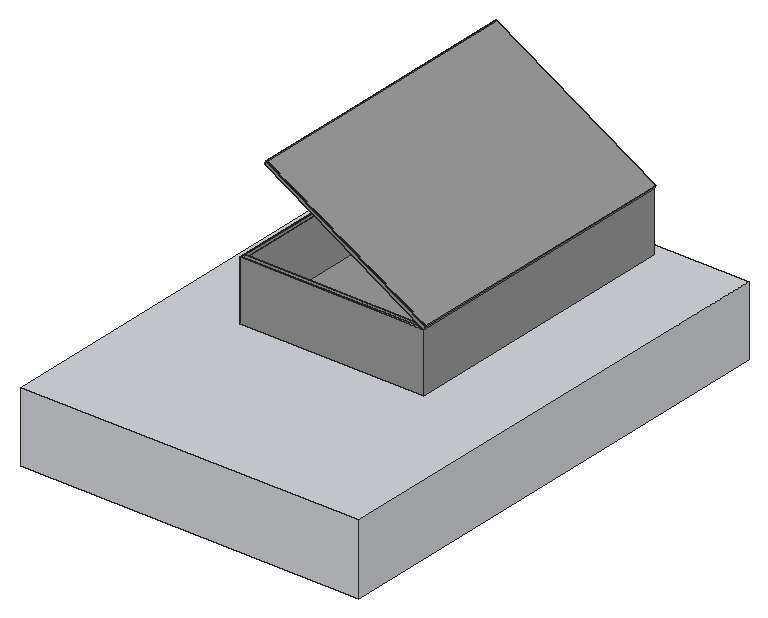
Revit family "Hager-Univers-IP55-D275-H1250-Cl.I-Steel_encl-PT-pt", category Equipement électrique, Revit 2020
Family settings
  Hôte = Face
  Configuration du panneau = Deux colonnes, circuits au sein
  Cote de connecteur circulaire = Utiliser le diamètre
  Type d'élément = Tableau de raccordement
  Couper avec des vides une fois chargée = Non
  Partagée = Non
  Point de calcul de pièce = Non
Parameters (values of type "Montagem em superfície (gesso) IP55 L800 A1250 P275  - FR83E")
  Width Control [instance] = if([EF000008 - Largura] > Min Width, [EF000008 - Largura], Min Width)  # 800 mm
  Commentaires du type = [HG000003 - Gama]  # "Univers"
  Thickness Door [instance] = if([EF009171 - Espessura do material da porta/tampa] > 3 mm, 3 mm, [EF009171 - Espessura do material da porta/tampa])  # 1.5 mm
  Seal Frame Offset [instance] = 17 mm  # constant formula
  Plinth Visibility [instance] = [HG000027 - Altura da Plinta] > 0 mm  # no
  Model = ""
  Min Width [instance] = 100 mm  # constant formula
  Min Height [instance] = 100 mm  # constant formula
  Min Depth [instance] = (2 * [EF009170 - Espessura do material do invólucro]) + 1 mm  # 4 mm
  Internal Frame Depth [instance] = (Door System Depth * 0.5)  # 9 mm
  Height Control [instance] = if([EF000040 - Altura] > Min Height, [EF000040 - Altura], Min Height)  # 1250 mm
  HG000027 - Altura da Plinta = 0 mm
  HG000026 - Instalação no chão = no
  HG000024 - Altura da secção inferior = 800 mm
  HG000023 - Recinto de secção dupla = no
  HG000016 - Visibilidade da porta 3D [instance] = yes
  HG000015 - Visibilidade através da porta [instance] = no
  HG000014 - Porta à direita [instance] = yes
  HG000013 - Porta à esquerda [instance] = not([HG000014 - Porta à direita])  # no
  HG000012 - Ângulo de abertura de porta [instance] = 30.00°
  HG000010 - Portas assimétricas = no
  HG000009 - Porta dupla = no
  HG000006 - Encastrado = no
  HG000004 - Referência do Fabricante = "FR83E"
  HG000003 - Gama = "Univers"
  HG000002 - Com porta ou tampa = yes
  Frame Offset Bottom [instance] = 10 mm  # constant formula
  Frame Offset [instance] = 15 mm  # constant formula
  EF015940 - Tampa com libertação de sobrepressão = no
  EF011959 - Grau de proteção (NEMA) = ""
  EF009554 - Número de aberturas para placas de flange = 6
  Fabricant = "Hager"  # constant formula
  EF009212 - Tipo de tampa = "EV000116 - Fechado"
  EF009171 - Espessura do material da porta/tampa = 1.5 mm
  EF009170 - Espessura do material do invólucro = 1.5 mm
  EF008873 - Corrente nominal (In) = 800 A
  EF007800 - Adequado para proteção contra raios = no
  EF006306 - Com fecho = no
  EF006244 - Tampa/porta transparente = no
  EF005474 - Grau de proteção (IP) = "EV006420 - IP55"
  EF004464 - Tipo de porta = "EV002646 - Único"
  EF004427 - Número de módulos = 288
  EF004293 - Força de impacto = "EV008784 - IK10"
  EF003532 - Adequado para uso no exterior = no
  EF002950 - Largura em número de módulos = 24
  EF001613 - Integridade do circuito = "EV000494 - Nenhum"
  EF001596 - Material do corpo = "EV000179 - Aço"
  EF001131 - Profundidade interior = 275 mm
  EF001088 - Extensão possível = yes
  EF000437 - Número de entradas de condutores = 6
  EF000339 - Tipo de difusor = "EV004216 - Porta"
  EF000266 - Número de linhas = 8
  EF000218 - Profundidade incorporada = 0 mm
  EF000118 - Com tampa de montagem = no
  EF000116 - Número RAL = "7035"
  EF000049 - Profundidade = 275 mm
  EF000040 - Altura = 1250 mm
  EF000008 - Largura = 800 mm
  EF000007 - Cor = "EV000270 - Cinzento"
  EF000003 - Método de montagem = "EV000384 - Montagem em superfície (gesso)"
  Door System Leaf Tolerance [instance] = 1.5 mm  # constant formula
  Door System Depth [instance] = 18 mm  # constant formula
  Door Height [instance] = Height Control - [HG000027 - Altura da Plinta]  # 1250 mm
  Depth Control [instance] = if([EF000049 - Profundidade] > Min Depth, [EF000049 - Profundidade], Min Depth)  # 275 mm
  Default Elevation = 0 mm
  Connector Offset [instance] = Height Control / 2  # 625 mm
  Bottom Top Plate Trim [instance] = 1.5 mm  # constant formula
  Plinth height Ctrl [instance] = if([HG000027 - Altura da Plinta] > 0 mm, [HG000027 - Altura da Plinta], 12 mm)  # 12 mm
Types (3, lengths in mm): name | Width Control | HG000009 - Porta dupla | HG000004 - Referência do Fabricante | EF009554 - Número de aberturas para placas de flange | EF004464 - Tipo de porta | EF004427 - Número de módulos | EF000437 - Número de entradas de condutores | EF000008 - Largura
  Montagem em superfície (gesso) IP55 L1050 A1250 P275  - FR84E | 1050 | yes | "FR84E" | 8 | "EV003602 - Duplo" | 384 | 8 | 1050
  Montagem em superfície (gesso) IP55 L550 A1250 P275  - FR82E | 550 | no | "FR82E" | 4 | "EV002646 - Único" | 192 | 4 | 550
  Montagem em superfície (gesso) IP55 L800 A1250 P275  - FR83E | 800 | no | "FR83E" | 6 | "EV002646 - Único" | 288 | 6 | 800
Reference planes
  plane 1 "Center (Front/Back)": y = 0
  plane 2: z = 0
  plane 3 "Center (Left/Right)": x = 0
  plane 4: z = 275
  plane 5: y = 1.5
  plane 6: y = 625
  plane 7: y = 0
  plane 8: y = 1250
  plane 9: z = 0
  plane 10: x = -385
  plane 11: x = 385
  plane 12: x = 383.5
  plane 13: x = -383.5
  plane 14: y = 1248.5
  plane 15: x = -383
  plane 16: x = -400
  plane 17: x = 383
  plane 18: x = 400
  plane 19: x = 398.5
  plane 20: x = -398.5
  plane 21: y = 11.5
  plane 22: y = 1250
  plane 23: y = 1233.5
  plane 24: z = 257
  plane 25: z = 1.5
  plane 26: z = 255.5
  plane 27: z = 273.5
Forms (mm)
  Extrusion 1, solid
    sketch origin (0, 0, 0) x (1, 0, 0) y (0, 1, 0)
      loop
        line (-702.964, 1305) -> (-702.964, -811.445) -> (766.763, -811.445) -> (766.763, 1305) -> (-702.964, 1305)
    from 0 to -304.8
  Extrusion 2, solid, material "Hager_Steel_RAL7035_Light_Grey", visible <- "Plinth Visibility", detail levels medium+fine
    sketch origin (0, 0, 0) x (1, 0, 0) y (0, 1, 0)
      loop
        line (-400, 0) -> (400, 0) -> (400, 12) -> (-400, 12) -> (-400, 0)
    from 0 to 257
  Extrusion 3, solid, material "Hager_Steel_RAL7035_Light_Grey", detail levels medium+fine
    sketch origin (0, 0, 0) x (1, 0, 0) y (0, 1, 0)
      loop
        line (-400, 0) -> (400, 0) -> (400, 1250) -> (-400, 1250) -> (-400, 0)
    from 0 to 257
  Extrusion 4, void
    sketch origin (0, 0, 0) x (1, 0, 0) y (0, 1, 0)
      loop
        line (-398.5, 1.5) -> (398.5, 1.5) -> (398.5, 1248.5) -> (-398.5, 1248.5) -> (-398.5, 1.5)
    from 1.5 to 255.5
  Extrusion 5, void
    sketch origin (-381.607, -4572, 257) x (0, -1, 0) y (-1, 0, 0)
      loop
        line (-4583.5, 1.893) -> (-5805.5, 1.893) -> (-5805.5, -765.107) -> (-4583.5, -765.107) -> (-4583.5, 1.893)
    from 0 to 1.5 <- "EF009170 - Espessura do material do invólucro"
  Extrusion 6, solid, material "Hager_Steel_RAL7035_Light_Grey", detail levels fine
    sketch origin (0, 0, 257) x (1, 0, 0) y (0, 1, 0)
      loop
        line (-383.5, 1233.5) -> (-383.5, 11.5) -> (383.5, 11.5) -> (383.5, 1233.5) -> (-383.5, 1233.5)
      loop
        line (-385, 10) -> (385, 10) -> (385, 1235) -> (-385, 1235) -> (-385, 10)
    from 0 to 9 <- "Internal Frame Depth"
  Extrusion 7, solid, material "Hager_Steel_RAL7035_Light_Grey", detail levels coarse
    sketch origin (0, 0, 0) x (1, 0, 0) y (0, 1, 0)
      loop
        line (-400, 0) -> (400, 0) -> (400, 1250) -> (-400, 1250) -> (-400, 0)
    from 0 to 275
  Sweep 8, void
    path in 3D
      loop
        line (-400, 12, 0) -> (400, 12, 0) -> (400, 12, 257) -> (-400, 12, 257) -> (-400, 12, 0)
    profile origin (-400, 12, 128.5) x (-1, 0, 0) y (0, -1, 0)
      loop
        line (0, 0) -> (0, 1.5) -> (-1.5, 1.5)
        arc (-1.5, 1.5) -> (-1.061, 0.439) -> (0, 0) r 1.5
Cuts and joins
  Extrusion 4, Extrusion 5 cuts Extrusion 3
  Sweep 8 cuts Extrusion 2
Lines and regions (mm)
  Masking region 1
    outline origin (0, 0, 0) x (1, 0, 0) y (0, 0, 1)
      loop
        line (-400, 275) -> (-400, 0) -> (400, 0) -> (400, 275) -> (-400, 275)
  Masking region 2, detail levels medium+fine
    outline origin (0, 140, 0) x (0, 1, 0) y (0, 0, 1)
      loop
        line (-140, 0) -> (1110, 0) -> (1110, 257) -> (-140, 257) -> (-140, 0)
  Masking region 3, not visible, detail levels medium+fine
    outline origin (0, 297.922, 0) x (0, 1, 0) y (0, 0, 1)
      loop
        line (338.578, 0) -> (378.578, 0) -> (378.578, 263.5)
        arc (378.578, 263.5) -> (375.649, 270.571) -> (368.578, 273.5) r 10
        line (368.578, 273.5) -> (338.578, 273.5) -> (338.578, 0)
  Masking region 4, detail levels coarse
    outline origin (0, 0, 180) x (0, 1, 0) y (0, 0, 1)
      loop
        line (0, -180) -> (1250, -180) -> (1250, 95) -> (0, 95) -> (0, -180)
  Masking region 5, visible <- "Plinth Visibility", detail levels medium+fine
    outline origin (0, 52.24, 12.345) x (0, 0, -1) y (0, 1, 0)
      loop
        line (10.845, -40.24) -> (-243.155, -40.24)
        arc (-243.155, -40.24) -> (-243.594, -41.301) -> (-244.655, -41.74) r 1.5
        line (-244.655, -41.74) -> (-244.655, -52.24) -> (12.345, -52.24) -> (12.345, -41.74)
        arc (12.345, -41.74) -> (11.285, -41.301) -> (10.845, -40.24) r 1.5
  Masking region 6, detail levels medium+fine
    outline origin (-381.607, -4572, 257) x (-1, 0, 0) y (0, -1, 0)
      loop
        line (18.393, -5822) -> (18.393, -4572) -> (-781.607, -4572) -> (-781.607, -5822) -> (18.393, -5822)
  Masking region 7, visible <- "Plinth Visibility", detail levels medium+fine
    outline origin (-381.607, -4727, 257) x (-1, 0, 0) y (0, -1, 0)
      loop
        arc (16.893, -4739) -> (17.332, -4737.939) -> (18.393, -4737.5) r 1.5
        line (18.393, -4737.5) -> (18.393, -4727) -> (-781.607, -4727) -> (-781.607, -4737.5)
        arc (-781.607, -4737.5) -> (-780.546, -4737.939) -> (-780.107, -4739) r 1.5
        line (-780.107, -4739) -> (16.893, -4739)
  Masking region 8, detail levels coarse
    outline origin (-442.548, -4669.526, 257) x (-1, 0, 0) y (0, -1, 0)
      loop
        line (-42.548, -5919.526) -> (-42.548, -4669.526) -> (-842.548, -4669.526) -> (-842.548, -5919.526) -> (-42.548, -5919.526)
  sketch lines
    curve 1: line (-400, 12, 257) -> (-400, 12, 0)
    curve 2: line (400, 12, 257) -> (-400, 12, 257)
    curve 3: line (400, 12, 257) -> (400, 12, 0)
    curve 4: line (-400, 12, 0) -> (400, 12, 0)
Dimensions and locks
  "Depth Control": plane 4 to Extrusion 1
  "HG000027 - Altura da Plinta": plane 1 "Center (Front/Back)" to plane 7
  "EF009170 - Espessura do material do invólucro": plane 5 to plane 7
  locked: connector elem to plane 3 "Center (Left/Right)"
  equal spacing: plane 8, plane 6, plane 7
  locked: connector elem to plane 6
  "EF009170 - Espessura do material do invólucro": plane 8 to plane 14
  "EF009170 - Espessura do material do invólucro": plane 10 to plane 13
  "EF009170 - Espessura do material do invólucro": plane 12 to plane 11
  "Frame Offset": plane 20 to plane 13
  "Frame Offset": plane 12 to plane 19
  "EF009170 - Espessura do material do invólucro": plane 16 to plane 20
  "EF009170 - Espessura do material do invólucro": plane 19 to plane 18
  "Seal Frame Offset": plane 16 to plane 15
  "Seal Frame Offset": plane 17 to plane 18
  "Frame Offset Bottom": plane 21 to plane 5
  "Frame Offset": plane 14 to plane 23
  equal spacing: plane 16, plane 3 "Center (Left/Right)", plane 18
  "Width Control": plane 16 to plane 18
  "EF009170 - Espessura do material do invólucro": plane 4 to plane 27
  "EF009170 - Espessura do material do invólucro": plane 24 to plane 26
  "EF009170 - Espessura do material do invólucro": plane 25 to level
  "Door System Depth": plane 4 to plane 24
  "Height Control": plane 1 "Center (Front/Back)" to Extrusion 7 sketch curve
  "Height Control": Masking region 4 sketch curve to plane 1 "Center (Front/Back)"
  "Height Control": plane 1 "Center (Front/Back)" to plane 22
  "Bottom Top Plate Trim": profile plane to Sweep 8 sketch curve
  "Bottom Top Plate Trim": Sweep 8 sketch curve to profile plane
  "Plinth height Ctrl": plane 1 "Center (Front/Back)" to Extrusion 2 sketch curve
  "Plinth height Ctrl": Masking region 5 sketch curve to plane 1 "Center (Front/Back)"
  "Plinth height Ctrl": plane 1 "Center (Front/Back)" to Masking region 7 sketch curve
  "Thickness Door": Extrusion 6 sketch curve to Extrusion 6 sketch curve  (x3)
  "Thickness Door": cut or joined group of Extrusion 3, Extrusion 4, Extrusion 5 to Extrusion 6 sketch curve
  radius of Masking region 3 sketch curve = 10 mm
  "Bottom Top Plate Trim": radius of Masking region 5 sketch curve  (x2)
  "Bottom Top Plate Trim": radius of Sweep 8 sketch curve
  "Bottom Top Plate Trim": radius of Masking region 7 sketch curve  (x2)
  aligned and locked: plane 2 to Extrusion 1
  aligned and locked: level to Extrusion 1
  aligned and locked: level to Masking region 1 sketch curve
  aligned and locked: Masking region 1 sketch curve to plane 18
  aligned and locked: Masking region 1 sketch curve to plane 16
  aligned and locked: plane 7 to Masking region 2 sketch curve
  aligned and locked: level to Masking region 3 sketch curve
  aligned and locked: Masking region 3 sketch curve to plane 27
  aligned and locked: level to Masking region 2 sketch curve
  aligned and locked: plane 1 "Center (Front/Back)" to Extrusion 2 sketch curve
  aligned and locked: Extrusion 3 sketch curve to plane 7
  aligned and locked: plane 16 to Extrusion 3 sketch curve
  aligned and locked: plane 18 to Extrusion 3 sketch curve
  aligned and locked: plane 20 to Extrusion 4 sketch curve
  aligned and locked: plane 19 to Extrusion 4 sketch curve
  aligned and locked: Extrusion 4 sketch curve to plane 5
  aligned and locked: Extrusion 4 to plane 25
  aligned and locked: plane 26 to Extrusion 4
  aligned and locked: plane 24 to Extrusion 3
  aligned and locked: Extrusion 5 sketch curve to plane 21
  aligned and locked: Extrusion 5 sketch curve to plane 13
  aligned and locked: Extrusion 5 sketch curve to plane 12
  aligned and locked: plane 18 to Extrusion 7 sketch curve
  aligned and locked: plane 1 "Center (Front/Back)" to Extrusion 7 sketch curve
  aligned and locked: plane 16 to Extrusion 7 sketch curve
  aligned and locked: plane 4 to Extrusion 7
  aligned and locked: Extrusion 7 to level
  aligned and locked: level to Masking region 4 sketch curve
  aligned and locked: Masking region 4 sketch curve to plane 1 "Center (Front/Back)"
  aligned and locked: Masking region 4 sketch curve to plane 4
  aligned and locked: nested 1 to level
  aligned and locked: nested 1 to plane 16
  aligned and locked: plane 8 to Extrusion 3 sketch curve
  aligned and locked: plane 23 to Extrusion 5 sketch curve
  aligned and locked: plane 14 to Extrusion 4 sketch curve
  aligned and locked: Masking region 2 sketch curve to plane 8
  aligned and locked: level to Masking region 5 sketch curve
  aligned and locked: plane 16 to Extrusion 2 sketch curve
  aligned and locked: plane 18 to Extrusion 2 sketch curve
  aligned and locked: Masking region 5 sketch curve to plane 24
  aligned and locked: Masking region 2 sketch curve to plane 24
  aligned and locked: plane 24 to Extrusion 2
  aligned and locked: profile plane to Sweep 8 sketch curve  (x2)
  aligned and locked: Masking region 6 sketch curve to plane 18
  aligned and locked: Masking region 6 sketch curve to plane 22
  aligned and locked: Masking region 6 sketch curve to plane 16
  aligned and locked: plane 8 to plane 22
  aligned and locked: Masking region 6 sketch curve to plane 7
  aligned and locked: Masking region 7 sketch curve to plane 16
  aligned and locked: Masking region 7 sketch curve to plane 1 "Center (Front/Back)"
  aligned and locked: Masking region 7 sketch curve to plane 18
  aligned and locked: Masking region 8 sketch curve to plane 1 "Center (Front/Back)"
  aligned and locked: Masking region 8 sketch curve to plane 18
  aligned and locked: Masking region 8 sketch curve to plane 22
  aligned and locked: Masking region 8 sketch curve to plane 16
  aligned and locked: nested 2 to plane 7
  aligned and locked: plane 3 "Center (Left/Right)" to nested 2
  aligned and locked: nested 2 to plane 24
  aligned and locked: Extrusion 6 sketch curve to cut or joined group of Extrusion 3, Extrusion 4, Extrusion 5  (x4)
Automatic sketch dimensions
  Extrusion 1 sketch curve to Extrusion 1 sketch curve = 1469.727 mm
  Extrusion 1 sketch curve to Extrusion 1 sketch curve = 2116.445 mm
  Masking region 1 sketch curve to plane 4 = 0 mm
  plane 6 to Masking region 3 sketch curve = 11.5 mm
  Masking region 3 sketch curve to Masking region 3 sketch curve = 30 mm
  Masking region 5 sketch curve to plane 1 "Center (Front/Back)" = 0 mm
Nested families
  nested 1: "Hager_Enclosure_Symbol" at (-400, 0, 0) x (1, 0, 0) z (0, -1, 0), Height <- "Depth Control", Width <- "Width Control", type "Hager_Enclosure_Symbol"
    with Width_Ctrl 800 mm, Width 800 mm, Height_Ctrl 275 mm, Height 275 mm, A_Width_Int 18.047 mm, A_Width 216.562 mm, A_Height_Ctrl 240.625 mm, A_Height 240.625 mm
  nested 2: "EC000058_Univers_Door" at (0, 0, 257) x (1, 0, 0) z (0, 1, 0), Leaf_Tolerance <- "Door System Leaf Tolerance", Angle <- "HG000012 - Ângulo de abertura de porta", Door_Depth <- "Door System Depth", Door_Left <- "HG000013 - Porta à esquerda", Transparent <- "EF006244 - Tampa/porta transparente", Assymetrical <- "HG000010 - Portas assimétricas", Width <- "Width Control", Clearance <- "HG000015 - Visibilidade através da porta", Double <- "HG000009 - Porta dupla", 3d_Door <- "HG000016 - Visibilidade da porta 3D", Lock_Visibility <- "EF006306 - Com fecho", Width_Ctrl <- "Width Control", Door_Right <- "HG000014 - Porta à direita", Door <- "HG000002 - Com porta ou tampa", Height <- "Door Height", Thickness <- "Thickness Door", type "EC000058_Univers_Door", detail levels medium+fine
    with min_wh 4 mm, Width_Ctrl 800 mm, Width 800 mm, Transparent no, Thickness 1.5 mm, Seal_Material Hager_Rubber, Lock_Visibility no, Lock_Material Hager_Plastic_RAL9005_Jet_Black, Leaf_Width 800 mm, Leaf_Tolerance_External_Sides 0 mm, Leaf_Tolerance 1.5 mm, Leaf_Offset 0 mm, Leaf_Height 1247 mm, Leaf_2_Width 800 mm, Leaf_2_Offset 400 mm, Leaf_1_Width 800 mm, Leaf_1_Offset 400 mm, Height_Ctrl 1250 mm, Height 1250 mm, Glass_Material Hager_Glass, Double_Clearance_Ctrl no, Double no, Door_Right_Ctrl yes, Door_Right yes, Door_Material Hager_Steel_RAL7035_Light_Grey, Door_Left_Ctrl no, Door_Left no, Door_Depth 18 mm, Door yes, Clearance_Material Hager_Clearance, Clearance_Depth 800 mm, Clearance_Ctrl no, Clearance no, Assymetrical no, Angle 30.00°, 3d_Door yes
Connectors
  electrical at (0, 625, 0)
    settings: on plane 9, index 1, voltage 0 V, apparent load 0 VA, apparent load phase1 0 VA, apparent load phase2 0 VA, apparent load phase3 0 VA, power factor 1, load classification "Other", number of poles 1, system type 30, power factor state 1, is connector primary yes, connector utility no, sub classification motor no, connector description ""
Definition of nested family "EC000058_Univers_Door"
  Parameters (values of type "EC000058_Univers_Door")
    min_wh [instance] = (2 * Thickness) + 1 mm  # 11 mm
    Width_Ctrl [instance] = 400 mm
    Width [instance] = 500 mm
    Transparent [instance] = yes
    Thickness [instance] = 5 mm
    Seal_Material [instance] = none
    Lock_Visibility [instance] = yes
    Lock_Material [instance] = none
    Leaf_Width [instance] = if((Width_Ctrl - 2 * Leaf_Tolerance_External_Sides) > 0 mm, (Width_Ctrl - 2 * Leaf_Tolerance_External_Sides), min_wh)  # 400 mm
    Leaf_Tolerance_External_Sides [instance] = 0 mm  # constant formula
    Leaf_Tolerance [instance] = 1.5 mm
    Leaf_Offset [instance] = 0 mm  # constant formula
    Leaf_Height [instance] = if((Height_Ctrl - 2 * Leaf_Tolerance) > 0 mm, (Height_Ctrl - 2 * Leaf_Tolerance), min_wh)  # 497 mm
    Leaf_2_Width [instance] = if(and(and(Double, Assymetrical), Door_Left), (Leaf_Width / 3) - (Leaf_Tolerance / 2), if(and(and(Double, Assymetrical), Door_Right), (Leaf_Width / 3) * 2 - (Leaf_Tolerance / 2), if(and(Double, not(Assymetrical)), (Leaf_Width / 2) - Leaf_Tolerance, Leaf_Width)))  # 400 mm
    Leaf_2_Offset [instance] = if(and(Double, Assymetrical), Leaf_2_Width / 2, if(and(Double, not(Assymetrical)), Leaf_Width / 4, Leaf_Width / 2))  # 200 mm
    Leaf_1_Width [instance] = if(and(and(Double, Assymetrical), Door_Right), (Leaf_Width / 3) - (Leaf_Tolerance / 2), if(and(and(Double, Assymetrical), Door_Left), (Width / 3) * 2 - (Leaf_Tolerance / 2), if(and(Double, not(Assymetrical)), (Leaf_Width / 2) - Leaf_Tolerance, Leaf_Width)))  # 400 mm
    Leaf_1_Offset [instance] = if(and(Double, Assymetrical), Leaf_1_Width / 2, if(and(Double, not(Assymetrical)), Leaf_Width / 4, Leaf_Width / 2))  # 200 mm
    Height_Ctrl [instance] = if(Height > min_wh, Height, min_wh)  # 500 mm
    Height [instance] = 500 mm
    Glass_Material [instance] = none
    Double_Clearance_Ctrl [instance] = and(Double, Clearance)  # no
    Double [instance] = no
    Door_Right_Ctrl [instance] = and(or(Door_Right, Double), Door)  # yes
    Door_Right [instance] = yes
    Door_Material [instance] = none
    Door_Left_Ctrl [instance] = and(or(Door_Left, Double), Door)  # no
    Door_Left [instance] = no
    Door_Depth [instance] = 30 mm
    Door [instance] = yes
    Default Elevation = 1219.2 mm
    Clearance_Material [instance] = none
    Clearance_Depth [instance] = if(Leaf_1_Width > Leaf_2_Width, Leaf_1_Width, Leaf_2_Width)  # 400 mm
    Clearance_Ctrl [instance] = and(not(Double), Clearance)  # yes
    Clearance [instance] = yes
    Assymetrical [instance] = yes
    Angle [instance] = 30.00°
    3d_Door [instance] = yes
  Reference planes
    plane 1 "Center (Front/Back)": y = 0
    plane 2 "Bottom": z = 0
    plane 3 "Center (Left/Right)": x = 0
    plane 4: z = 500
    plane 5: x = -200
    plane 6: x = 200
    plane 7: z = 500
    plane 8: x = -200
    plane 9: z = 0
    plane 10: x = 200
    plane 11: y = 0
    plane 12: z = 1.5
    plane 13: x = -600
    plane 14: y = -400
    plane 15: x = 600
    plane 16: x = 0
    plane 17: x = 0
    plane 18: x = -200
    plane 19: x = 200
    plane 20: z = 498.5
  Forms (mm)
    Extrusion 1, solid, material <- "Clearance_Material", visible <- "Double_Clearance_Ctrl"
      sketch origin (1200, 0, 0) x (1, 0, 0) y (0, 0, -1)
        loop
          line (-1800, -498.5) -> (-600, -498.5) -> (-600, 0) -> (-1800, 0) -> (-1800, -498.5)
      from 0 to -400
  Dimensions and locks
    equal spacing: plane 5, plane 3 "Center (Left/Right)", plane 6
    "Width_Ctrl": plane 5 to plane 6
    "Leaf_Offset": plane 5 to plane 8
    "Leaf_Offset": plane 6 to plane 10
    "Leaf_Offset": plane 9 to level
    "Leaf_Offset": plane 4 to plane 7
    "Height_Ctrl": plane 4 to level
    "Leaf_Tolerance": plane 12 to plane 9
    locked: plane 11 to plane 1 "Center (Front/Back)"
    "Leaf_1_Offset": plane 18 to plane 16
    "Leaf_2_Offset": plane 17 to plane 19
    "Leaf_1_Width": plane 13 to plane 8
    "Leaf_2_Width": plane 10 to plane 15
    "Clearance_Depth": plane 14 to plane 1 "Center (Front/Back)"
    "Leaf_Tolerance_External_Sides": plane 8 to plane 18
    "Leaf_Tolerance_External_Sides": plane 19 to plane 10
    "Leaf_Tolerance": plane 7 to plane 20
    aligned and locked: level to plane 2 "Bottom"
    aligned and locked: nested 1 to plane 16
    aligned and locked: nested 2 to plane 17
    aligned and locked: Extrusion 1 to plane 13
    aligned and locked: plane 15 to Extrusion 1
    aligned and locked: Extrusion 1 to plane 14
    aligned and locked: plane 12 to nested 1
    aligned and locked: nested 2 to plane 12
    aligned and locked: Extrusion 1 to plane 11
    aligned and locked: plane 20 to Extrusion 1
    aligned and locked: nested 2 to plane 11
    aligned and locked: nested 1 to plane 11
  Automatic sketch dimensions
    Extrusion 1 sketch curve to level = 0 mm
    plane 5 to Extrusion 1 sketch curve = 400 mm
    plane 6 to Extrusion 1 sketch curve = 400 mm
    Extrusion 1 sketch curve to plane 4 = 1.5 mm
  Nested families
    nested 1: "EC000058_Univers_Door_Leaf" at (0, 0, 1.5), Width <- "Leaf_1_Width", visible <- "Door_Left_Ctrl", Leaf_Height <- "Leaf_Height", Angle <- "Angle", 3d_Door <- "3d_Door", Transparent <- "Transparent", Clearance Material <- "Clearance_Material", Clearance <- "Clearance_Ctrl", Door_Material <- "Door_Material", Glass_Material <- "Glass_Material", Door_Depth <- "Door_Depth", Lock_Material <- "Lock_Material", Seal_Material <- "Seal_Material", Lock_Visibility <- "Lock_Visibility", Thickness <- "Thickness", type "EC000058_Univers_Door_Leaf"
      with Width 400 mm, Transparent_Glass_Offset 30 mm, Transparent_Ctrl yes, Transparent yes, Thickness 5 mm, Standard no, Seal_Material none, Seal_D2 8 mm, Seal_D1 1 mm, Offset_Internal_Frame 10 mm, Lock_Width 20 mm, Lock_Visibility_3d yes, Lock_Visibility yes, Lock_Thickness_3 3 mm, Lock_Thickness_2 1 mm, Lock_Thickness_1 3 mm, Lock_Radius_Offset_2 16 mm, Lock_Radius_Offset_1 15 mm, Lock_Radius_2 5 mm, Lock_Radius 6 mm, Lock_Offset 5 mm, Lock_Material none, Lock_Height 80 mm, Lock_Cover_Top_Offset_2d 17 mm, Lock_Cover_Height -65 mm, Leaf_Height 497 mm, Internal_Seal_Thickness 8 mm, Internal_Seal_Depth_2 4.5 mm, Internal_Frame_Depth 25 mm, Glass_Thickness -1 mm, Glass_Offset -2 mm, Glass_Material none, Door_Material none, Door_Depth 30 mm, Clearance Material none, Clearance yes, Angle_Ctrl 30.00°, Angle 30.00°, 3d_Door yes
    nested 2: "EC000058_Univers_Door_Leaf" at (0, 0, 1.5) x (-1, 0, 0) z (0, 0, 1), Width <- "Leaf_2_Width", visible <- "Door_Right_Ctrl", Leaf_Height <- "Leaf_Height", Angle <- "Angle", 3d_Door <- "3d_Door", Transparent <- "Transparent", Clearance Material <- "Clearance_Material", Clearance <- "Clearance_Ctrl", Door_Material <- "Door_Material", Glass_Material <- "Glass_Material", Door_Depth <- "Door_Depth", Lock_Material <- "Lock_Material", Seal_Material <- "Seal_Material", Lock_Visibility <- "Lock_Visibility", Thickness <- "Thickness", type "EC000058_Univers_Door_Leaf"
      with Width 400 mm, Transparent_Glass_Offset 30 mm, Transparent_Ctrl yes, Transparent yes, Thickness 5 mm, Standard no, Seal_Material none, Seal_D2 8 mm, Seal_D1 1 mm, Offset_Internal_Frame 10 mm, Lock_Width 20 mm, Lock_Visibility_3d yes, Lock_Visibility yes, Lock_Thickness_3 3 mm, Lock_Thickness_2 1 mm, Lock_Thickness_1 3 mm, Lock_Radius_Offset_2 16 mm, Lock_Radius_Offset_1 15 mm, Lock_Radius_2 5 mm, Lock_Radius 6 mm, Lock_Offset 5 mm, Lock_Material none, Lock_Height 80 mm, Lock_Cover_Top_Offset_2d 17 mm, Lock_Cover_Height -65 mm, Leaf_Height 497 mm, Internal_Seal_Thickness 8 mm, Internal_Seal_Depth_2 4.5 mm, Internal_Frame_Depth 25 mm, Glass_Thickness -1 mm, Glass_Offset -2 mm, Glass_Material none, Door_Material none, Door_Depth 30 mm, Clearance Material none, Clearance yes, Angle_Ctrl 30.00°, Angle 30.00°, 3d_Door yes
  Definition of nested family "EC000058_Univers_Door_Leaf"
    Parameters (values of type "EC000058_Univers_Door_Leaf")
      Width [instance] = 2000 mm
      Transparent_Glass_Offset [instance] = 30 mm
      Transparent_Ctrl [instance] = and(Transparent, [3d_Door])  # yes
      Transparent [instance] = yes
      Thickness [instance] = 5 mm
      Standard [instance] = and(not(Transparent), [3d_Door])  # no
      Seal_Material [instance] = none
      Seal_D2 [instance] = 8 mm  # constant formula
      Seal_D1 [instance] = 1 mm  # constant formula
      Offset_Internal_Frame [instance] = 10 mm  # constant formula
      Lock_Width [instance] = 20 mm  # constant formula
      Lock_Visibility_3d [instance] = and(Lock_Visibility, [3d_Door])  # yes
      Lock_Visibility [instance] = yes
      Lock_Thickness_3 [instance] = 3 mm  # constant formula
      Lock_Thickness_2 [instance] = 1 mm  # constant formula
      Lock_Thickness_1 [instance] = 3 mm  # constant formula
      Lock_Radius_Offset_2 [instance] = Lock_Radius_Offset_1 + 1 mm  # 16 mm
      Lock_Radius_Offset_1 [instance] = 15 mm  # constant formula
      Lock_Radius_2 [instance] = Lock_Radius - 1 mm  # 5 mm
      Lock_Radius [instance] = 6 mm  # constant formula
      Lock_Offset [instance] = 5 mm  # constant formula
      Lock_Material [instance] = none
      Lock_Height [instance] = 80 mm  # constant formula
      Lock_Cover_Top_Offset_2d [instance] = Lock_Radius_Offset_2 + 1 mm  # 17 mm
      Lock_Cover_Height [instance] = -(Lock_Height - Lock_Radius_Offset_1)  # -65 mm
      Leaf_Height [instance] = 2720.336 mm
      Internal_Seal_Thickness [instance] = 8 mm  # constant formula
      Internal_Seal_Depth_2 [instance] = 4.5 mm  # constant formula
      Internal_Frame_Depth [instance] = if(Door_Depth - Thickness > 5 mm, Door_Depth - Thickness, 5 mm)  # 25 mm
      Glass_Thickness [instance] = if(Thickness > 15 mm, Glass_Offset + 10 mm, -1 mm)  # -1 mm
      Glass_Offset [instance] = if(Thickness > 15 mm, -(Thickness + 10 mm) / 2, -2 mm)  # -2 mm
      Glass_Material [instance] = none
      Door_Material [instance] = none
      Door_Depth [instance] = 30 mm
      Default Elevation = 0 mm
      Clearance Material [instance] = none
      Clearance [instance] = yes
      Angle_Ctrl [instance] = if(Angle > 180.00°, 180.00°, Angle)  # 90.00°
      Angle [instance] = 90.00°
      3d_Door [instance] = yes
    Reference planes
      plane 1 "Center (Front/Back)": y = 0
      plane 2: z = 0
      plane 3 "Center (Left/Right)": x = 0
      plane 4: y = 2000
      plane 5: x = -1000
      plane 6: x = 1000
      plane 7: x = -3000
      plane 8: z = 2720.336
      plane 9: z = 30
      plane 10: z = 2690.336
      plane 11: x = 970
      plane 12: x = -970
      plane 13: y = -3
      plane 14: z = 107.833
      plane 15: y = -5
      plane 16: y = -223.314
      plane 17: x = -1000
      plane 18: z = 1360.168
      plane 19: y = 30
    Forms (mm)
      Extrusion 1, solid, material <- "Clearance Material", visible <- "Clearance"
        sketch origin (0, 0, 0) x (1, 0, 0) y (0, 0, 1)
          loop
            line (-3000, 2720.336) -> (-3000, 0) -> (1000, 0) -> (1000, 2720.336) -> (-3000, 2720.336)
        from 0 to -2000
      Extrusion 2, solid, material <- "Door_Material", visible <- "Standard", detail levels medium+fine
        sketch origin (-1000, 0, 0) x (0, 1, 0) y (-1, 0, 0)
          loop
            line (0, 30) -> (0, 25) -> (2000, 25) -> (2000, 30) -> (0, 30)
        from 0 to 2720.336 <- "Leaf_Height"
      Extrusion 3, solid, material <- "Door_Material", visible <- "Transparent_Ctrl", detail levels medium+fine
        sketch origin (-1000, 0, 0) x (0, 1, 0) y (-1, 0, 0)
          loop
            line (0, 25) -> (2000, 25) -> (2000, 30) -> (0, 30) -> (0, 25)
        from 0 to 2720.336 <- "Leaf_Height"
      Extrusion 4, void
        sketch origin (-1025, 2000, 0) x (0, 1, 0) y (0, 0, -1)
          loop
            line (-30, -2690.336) -> (-30, -30) -> (-1970, -30) -> (-1970, -2690.336) -> (-30, -2690.336)
        from 0 to 5 <- "Thickness"
      Sweep 5, solid, material <- "Seal_Material", visible <- "Transparent_Ctrl", detail levels fine
        path in 3D
          loop
            line (-1025, 30, 30) -> (-1025, 30, 2690.336) -> (-1025, 1970, 2690.336) -> (-1025, 1970, 30) -> (-1025, 30, 30)
        profile origin (-1025, 1000, 30) x (1, 0, 0) y (0, 0, 1)
          loop
            line (0, 0) -> (0, -8) -> (1, -8) -> (1, 0) -> (0, 0)
      Extrusion 6, solid, material <- "Glass_Material", visible <- "Transparent_Ctrl", detail levels medium+fine
        sketch origin (-1030, 0, 0) x (0, 1, 0) y (0, 0, -1)
          loop
            line (1970, -2690.336) -> (1970, -30) -> (30, -30) -> (30, -2690.336) -> (1970, -2690.336)
        from -2 <- "Glass_Offset" to -1 <- "Glass_Thickness"
      Extrusion 7, solid, material <- "Door_Material", visible <- "3d_Door", detail levels medium+fine
        sketch origin (-1025, 2000, 0) x (0, -1, 0) y (0, 0, -1)
          loop
            line (0, -2720.336) -> (2000, -2720.336) -> (2000, 0) -> (0, 0) -> (0, -2720.336)
          loop
            line (1995, -5) -> (5, -5) -> (5, -2715.336) -> (1995, -2715.336) -> (1995, -5)
        from 0 to 25 <- "Internal_Frame_Depth"
      Sweep 8, solid, material <- "Seal_Material", visible <- "Transparent_Ctrl", detail levels fine
        path in 3D
          loop
            line (-1025, 0, 0) -> (-1025, 2000, 0) -> (-1025, 2000, 2720.336) -> (-1025, 0, 2720.336) -> (-1025, 0, 0)
        profile origin (-1025, 0, 1360.168) x (1, 0, 0) y (0, 1, 0)
          loop
            line (0, 10) -> (2.975, 10)
            arc (2.975, 10) -> (4.053, 10.447) -> (4.5, 11.525) r 1.525
            line (4.5, 11.525) -> (4.5, 16.527)
            arc (4.5, 16.527) -> (4.069, 17.569) -> (3.027, 18) r 1.473
            line (3.027, 18) -> (0, 18) -> (0, 10)
      Extrusion 9, solid, material <- "Lock_Material", visible <- "Lock_Visibility_3d", detail levels fine
        sketch origin (-1030, 0, 0) x (0, 1, 0) y (0, 0, -1)
          loop
            arc (1993.5, -1400.168) -> (1994.561, -1399.729) -> (1995, -1398.668) r 1.5
            line (1995, -1398.668) -> (1995, -1320.168) -> (1975, -1320.168) -> (1975, -1398.668)
            arc (1975, -1398.668) -> (1975.439, -1399.729) -> (1976.5, -1400.168) r 1.5
            line (1976.5, -1400.168) -> (1993.5, -1400.168)
        from 3 <- "Lock_Thickness_1" to 0
      Blend 10, solid, material <- "Lock_Material", visible <- "Lock_Visibility_3d", detail levels fine
        base sketch origin (-1033, 0, 0) x (0, 1, 0) y (0, 0, -1)
          loop
            line (1975, -1320.168) -> (1975, -1398.668)
            arc (1975, -1398.668) -> (1975.439, -1399.729) -> (1976.5, -1400.168) r 1.5
            line (1976.5, -1400.168) -> (1993.5, -1400.168)
            arc (1993.5, -1400.168) -> (1994.561, -1399.729) -> (1995, -1398.668) r 1.5
            line (1995, -1398.668) -> (1995, -1320.168) -> (1975, -1320.168)
        top sketch origin (-1033, 0, 0) x (0, 1, 0) y (0, 0, -1)
          loop
            line (1976, -1320.168) -> (1976, -1398.668)
            arc (1976, -1398.668) -> (1976.146, -1399.022) -> (1976.5, -1399.168) r 0.5
            line (1976.5, -1399.168) -> (1993.5, -1399.168)
            arc (1993.5, -1399.168) -> (1993.854, -1399.022) -> (1994, -1398.668) r 0.5
            line (1994, -1398.668) -> (1994, -1320.168) -> (1976, -1320.168)
        from 0 to 1 <- "Lock_Thickness_2"
      Blend 11, solid, material <- "Lock_Material", visible <- "Lock_Visibility_3d", detail levels fine
        base sketch origin (-1034, 0, 0) x (0, 1, 0) y (0, 0, -1)
          loop
            line (1978, -1320.168) -> (1978, -1384.168)
            arc (1978, -1384.168) -> (1985, -1391.168) -> (1992, -1384.168) r 7
            line (1992, -1384.168) -> (1992, -1320.168) -> (1978, -1320.168)
        top sketch origin (-1034, 0, 0) x (0, 1, 0) y (0, 0, -1)
          loop
            line (1991, -1320.168) -> (1979, -1320.168) -> (1979, -1383.168)
            arc (1979, -1383.168) -> (1985, -1389.168) -> (1991, -1383.168) r 6
            line (1991, -1383.168) -> (1991, -1320.168)
        from 0 to 3 <- "Lock_Thickness_3"
      Extrusion 12, solid, material <- "Lock_Material", visible <- "Lock_Visibility_3d", detail levels fine
        sketch origin (-1030, 1975, 1320.168) x (1, 0, 0) y (0, -1, 0)
          loop
            line (-7, -19) -> (-7, -1) -> (0, -1) -> (0, 0) -> (-8, 0) -> (-8, -20) -> (0, -20) -> (0, -19) -> (-7, -19)
        from 0 to -65 <- "Lock_Cover_Height"
      Extrusion 13, void
        sketch origin (-1038, 1995, 1320.168) x (-1, 0, 0) y (0, 0, -1)
          loop
            line (-5, -65) -> (0, -65) -> (-5, -60) -> (-5, -65)
        from 0 to 20 <- "Lock_Width"
      Extrusion 14, void
        sketch origin (-1038, 1975, 1320.168) x (0, -1, 0) y (0, 0, -1)
          loop
            circle (-10, -15.995) r 6
          loop
            circle (-10, -15.995) r 5
        from 0 to 2
      Extrusion 15, solid, material <- "Lock_Material", visible <- "Lock_Visibility_3d", detail levels medium
        sketch origin (-1030, 0, 0) x (0, 1, 0) y (0, 0, -1)
          loop
            arc (1993.5, -1400.168) -> (1994.561, -1399.729) -> (1995, -1398.668) r 1.5
            line (1995, -1398.668) -> (1995, -1320.168) -> (1975, -1320.168) -> (1975, -1398.668)
            arc (1975, -1398.668) -> (1975.439, -1399.729) -> (1976.5, -1400.168) r 1.5
            line (1976.5, -1400.168) -> (1993.5, -1400.168)
        from 8 to 0
    Cuts and joins
      Extrusion 4 cuts Extrusion 3
      Extrusion 13, Extrusion 14 cuts Extrusion 9
      Extrusion 14 cuts Blend 11
      Extrusion 13, Extrusion 14 cuts Extrusion 12
      joined: Extrusion 9, Blend 10, Blend 11, Extrusion 12
      Extrusion 14 cuts Extrusion 15
    Lines and regions (mm)
      Masking region 1, visible <- "Lock_Visibility", detail levels fine
        outline origin (0, 0, 0) x (0, 1, 0) y (0, 0, 1)
          loop
            line (30, 1320.168) -> (33, 1320.168) -> (33, 1400.168) -> (30, 1400.168) -> (30, 1320.168)
      Masking region 2, visible <- "Lock_Visibility", detail levels fine
        outline origin (0, 3.143, 0) x (0, 1, 0) y (0, 0, 1)
          loop
            line (29.857, 1354.168) -> (30.857, 1354.168) -> (30.857, 1366.168) -> (29.857, 1366.168) -> (29.857, 1354.168)
      Masking region 3, detail levels medium+fine
        outline origin (0, 0, 0) x (0, 1, 0) y (0, 0, 1)
          loop
            line (0, 0) -> (30, 0) -> (30, 2720.336) -> (0, 2720.336) -> (0, 0)
      Masking region 4, detail levels medium+fine
        outline origin (0, 0, 0) x (1, 0, 0) y (0, 0, 1)
          loop
            line (-1000, 2720.336) -> (-1000, 0) -> (1000, 0) -> (1000, 2720.336) -> (-1000, 2720.336)
      Masking region 5, visible <- "Lock_Visibility", detail levels fine
        outline origin (-47.116, 0, 0) x (1, 0, 0) y (0, 0, 1)
          loop
            arc (1024.616, 1399.168) -> (1023.556, 1398.729) -> (1023.116, 1397.668) r 1.5
            line (1023.116, 1397.668) -> (1023.116, 1320.168) -> (1041.116, 1320.168) -> (1041.116, 1397.668)
            arc (1041.116, 1397.668) -> (1040.677, 1398.729) -> (1039.616, 1399.168) r 1.5
            line (1039.616, 1399.168) -> (1024.616, 1399.168)
      Masking region 6, visible <- "Lock_Visibility", detail levels medium+fine
        outline origin (-25, 0, 0) x (1, 0, 0) y (0, 0, 1)
          loop
            arc (1001.5, 1400.168) -> (1000.439, 1399.729) -> (1000, 1398.668) r 1.5
            line (1000, 1398.668) -> (1000, 1320.168) -> (1020, 1320.168) -> (1020, 1398.668)
            arc (1020, 1398.668) -> (1019.561, 1399.729) -> (1018.5, 1400.168) r 1.5
            line (1018.5, 1400.168) -> (1001.5, 1400.168)
      Masking region 7, visible <- "Lock_Visibility", detail levels fine
        outline origin (-73.735, 0, 0) x (1, 0, 0) y (0, 0, 1)
          loop
            line (1051.735, 1382.168) -> (1065.735, 1382.168) -> (1065.735, 1384.168)
            arc (1065.735, 1384.168) -> (1058.735, 1391.168) -> (1051.735, 1384.168) r 7
            line (1051.735, 1384.168) -> (1051.735, 1382.168)
      Masking region 8, visible <- "Lock_Visibility", detail levels fine
        outline origin (-73.735, 0, 0) x (1, 0, 0) y (0, 0, 1)
          loop
            line (1052.735, 1382.168) -> (1064.735, 1382.168) -> (1064.735, 1383.168)
            arc (1064.735, 1383.168) -> (1058.735, 1389.168) -> (1052.735, 1383.168) r 6
            line (1052.735, 1383.168) -> (1052.735, 1382.168)
      Masking region 9, visible <- "Lock_Visibility", detail levels fine
        outline origin (-25, 0, 0) x (1, 0, 0) y (0, 0, 1)
          loop
            line (1020, 1320.168) -> (1020, 1382.168) -> (1000, 1382.168) -> (1000, 1320.168) -> (1020, 1320.168)
      Masking region 10, detail levels medium+fine
        outline origin (0, 0, 0) x (1, 0, 0) y (0, 0, 1)
          loop
            circle (985, 1335.144) r 6
      Masking region 11, detail levels fine
        outline origin (0, 0, 0) x (1, 0, 0) y (0, 0, 1)
          loop
            circle (985, 1335.144) r 5
      Masking region 12, visible <- "Lock_Visibility", detail levels fine
        outline origin (0, 12.767, 0) x (0, 1, 0) y (0, 0, 1)
          loop
            line (20.233, 1320.168) -> (21.233, 1320.168) -> (21.233, 1399.168) -> (20.233, 1400.168) -> (20.233, 1320.168)
      Masking region 13, visible <- "Lock_Visibility", detail levels fine
        outline origin (0, 13.767, -10) x (0, 1, 0) y (0, 0, 1)
          loop
            line (20.233, 1330.168) -> (23.233, 1330.168) -> (23.233, 1399.168) -> (20.233, 1402.168) -> (20.233, 1330.168)
      Masking region 14, visible <- "Lock_Visibility", detail levels fine
        outline origin (0, 12.767, -10) x (0, 1, 0) y (0, 0, 1)
          loop
            line (20.233, 1330.168) -> (25.233, 1330.168) -> (25.233, 1399.305) -> (20.233, 1394.305) -> (20.233, 1330.168)
      Masking region 15, visible <- "Lock_Visibility", detail levels medium
        outline origin (0, 0, 0) x (0, 1, 0) y (0, 0, 1)
          loop
            line (30, 1320.168) -> (38, 1320.168) -> (38, 1400.168) -> (30, 1400.168) -> (30, 1320.168)
      Masking region 16, visible <- "Lock_Visibility", detail levels fine
        outline origin (-1000, 0, 0) x (0, 1, 0) y (-1, 0, 0)
          loop
            line (1975, 30) -> (1995, 30) -> (1995, 38) -> (1975, 38) -> (1975, 30)
          loop
            line (1979, 37) -> (1976, 37) -> (1976, 34) -> (1978, 34) -> (1979, 37)
          loop
            line (1994, 37) -> (1991, 37) -> (1992, 34) -> (1994, 34) -> (1994, 37)
      Masking region 17, visible <- "Lock_Visibility", detail levels medium
        outline origin (-1000, 0, 0) x (0, 1, 0) y (-1, 0, 0)
          loop
            line (1975, 30) -> (1995, 30) -> (1995, 38) -> (1975, 38) -> (1975, 30)
      symbolic lines
        curve 1: line (1000, 0, 0) -> (-3000, 0, 0)
        curve 2: arc (1000, 0, 0) -> (-1000, 2000, 0) -> (-3000, 0, 0) r 2000
        curve 4: line (-1030, 0, 0) -> (-1030, 2000, 0)
      reference lines
        curve 3: line (-1000, 0, 0) -> (-1000, 2000, 0)
      symbolic lines, detail levels medium+fine
        curve 5: line (-1030, 2000, 0) -> (-1025, 2000, 0)
        curve 7: line (-1025, 0, 0) -> (-1030, 0, 0)
        curve 8: line (-1025, 0, 0) -> (-1000, 0, 0)
        curve 9: line (-1000, 0, 0) -> (-1000, 2000, 0)
        curve 10: line (-1000, 2000, 0) -> (-1025, 2000, 0)
      symbolic lines, detail levels fine
        curve 6: line (-1025, 2000, 0) -> (-1025, 0, 0)
      sketch lines
        curve 11: line (-1025, 0, 2720.336) -> (-1025, 0, 0)
        curve 12: line (-1025, 2000, 0) -> (-1025, 0, 0)
        curve 13: line (-1025, 2000, 2720.336) -> (-1025, 2000, 0)
        curve 14: line (-1025, 0, 2720.336) -> (-1025, 2000, 2720.336)
        curve 15: line (-1025, 1970, 30) -> (-1025, 30, 30)
        curve 16: line (-1025, 30, 30) -> (-1025, 30, 2690.336)
        curve 17: line (-1025, 1970, 2690.336) -> (-1025, 1970, 30)
        curve 18: line (-1025, 30, 2690.336) -> (-1025, 1970, 2690.336)
      symbolic lines, visible <- "Transparent", detail levels medium+fine
        curve 19: line (-970, 0, 2690.336) -> (970, 0, 2690.336)
        curve 20: line (-970, 0, 30) -> (-970, 0, 2690.336)
        curve 21: line (970, 0, 30) -> (-970, 0, 30)
        curve 22: line (970, 0, 2690.336) -> (970, 0, 30)
    Dimensions and locks
      "Width": plane 1 "Center (Front/Back)" to plane 4
      equal spacing: plane 5, plane 3 "Center (Left/Right)", plane 6
      "Width": plane 5 to plane 6
      "Width": plane 7 to plane 5
      "Leaf_Height": plane 8 to level
      "Width": curve 5 to curve 3
      "Width": curve 3 to curve 3
      plane 8 to plane 10 = 30 mm
      plane 9 to level = 30 mm
      plane 12 to plane 5 = 30 mm
      plane 6 to plane 11 = 30 mm
      Extrusion 1 to Extrusion 4 sketch curve = 30 mm
      "Transparent_Glass_Offset": curve 3 to Extrusion 4 sketch curve
      "Transparent_Glass_Offset": Extrusion 4 sketch curve to cut or joined group of Extrusion 3, Extrusion 4  (x2)
      cut or joined group of Extrusion 3, Extrusion 4 to Extrusion 6 sketch curve = 30 mm
      "Transparent_Glass_Offset": cut or joined group of Extrusion 3, Extrusion 4 to Extrusion 4 sketch curve
      "Thickness": curve 6 to curve 4
      "Thickness": Extrusion 7 sketch curve to Extrusion 7 sketch curve  (x4)
      "Door_Depth": curve 4 to curve 3
      "Offset_Internal_Frame": profile plane to Sweep 8 sketch curve
      "Internal_Seal_Thickness": Sweep 8 sketch curve to Sweep 8 sketch curve
      "Internal_Seal_Depth_2": profile plane to Sweep 8 sketch curve
      "Seal_D1": profile plane to Sweep 5 sketch curve
      "Seal_D2": profile plane to Sweep 5 sketch curve
      "Thickness": Extrusion 2 sketch curve to Extrusion 2 sketch curve
      equal spacing: Extrusion 9 sketch curve, plane 18, Extrusion 9 sketch curve  (x2)
      equal spacing: Masking region 1 sketch curve, plane 18, Masking region 1 sketch curve
      "Lock_Height": Masking region 1 sketch curve to Masking region 1 sketch curve
      "Lock_Radius": Masking region 2 sketch curve to plane 18 to Masking region 2 sketch curve
      Masking region 2 sketch curve to Masking region 1 = 1 mm
      "Door_Depth": plane 19 to plane 1 "Center (Front/Back)"
      "Lock_Thickness_1": Masking region 1 sketch curve to plane 19
      "Lock_Width": Extrusion 9 sketch curve to Extrusion 9 sketch curve
      "Lock_Height": Extrusion 9 sketch curve to Extrusion 9 sketch curve
      "Lock_Offset": cut or joined group of Extrusion 3, Extrusion 4 to Extrusion 9 sketch curve
      equal spacing: plane 8, plane 18, level
      "Lock_Radius_Offset_1": Blend 11 sketch curve to Blend 10
      locked: Blend 10 to Blend 11 sketch curve at 2  (x2)
      locked: var sketch to Blend 11 sketch curve at 1  (x2)
      "Lock_Radius_Offset_2": Blend 11 sketch curve to Blend 10
      locked: Extrusion 12 sketch curve to Extrusion 12 sketch curve at 1  (x3)
      Masking region 6 sketch curve to Masking region 6 sketch curve = 80 mm
      "Lock_Height": Masking region 6 sketch curve to Masking region 6 sketch curve
      "Lock_Width": Masking region 6 sketch curve to Masking region 6 sketch curve
      locked: Masking region 6 to Masking region 5 sketch curve at 1  (x3)
      locked: Masking region 5 to Masking region 7 sketch curve at 2  (x2)
      "Lock_Radius_Offset_1": Masking region 5 to Masking region 7 sketch curve
      "Lock_Radius_Offset_2": Masking region 5 to Masking region 8 sketch curve
      locked: Masking region 7 to Masking region 8 sketch curve at 1  (x2)
      "Lock_Cover_Top_Offset_2d": Masking region 5 to Masking region 9 sketch curve
      equal spacing: Masking region 9, Masking region 10 sketch curve, Masking region 9
      equal spacing: Masking region 9, Masking region 11 sketch curve, Masking region 9
      Extrusion 15 sketch curve to Extrusion 15 sketch curve = 80 mm
      "Lock_Width": Extrusion 15 sketch curve to Extrusion 15 sketch curve
      "Lock_Height": Extrusion 15 sketch curve to Extrusion 15 sketch curve
      equal spacing: Extrusion 15 sketch curve, plane 18, Extrusion 15 sketch curve
      "Lock_Thickness_3": Masking region 13 sketch curve to Masking region 13 sketch curve
      "Lock_Height": Masking region 12 sketch curve to Masking region 12 sketch curve
      locked: Masking region 13 sketch curve to Masking region 1 at 8
      locked: Masking region 14 sketch curve to Masking region 13 at 1
      locked: Masking region 14 sketch curve to Masking region 1 at 10.863
      "Lock_Height": Masking region 15 sketch curve to Masking region 15 sketch curve
      "Lock_Offset": Extrusion 15 sketch curve to cut or joined group of Extrusion 3, Extrusion 4
      "Lock_Offset": plane 6 to Masking region 6 sketch curve
      radius of Sweep 8 sketch curve = 1.525 mm
      radius of Sweep 8 sketch curve = 1.473 mm
      radius of Extrusion 9 sketch curve = 1.5 mm  (x2)
      "Lock_Radius": radius of Extrusion 14 sketch curve
      "Lock_Radius_2": radius of Extrusion 14 sketch curve
      "Lock_Radius": radius of Masking region 10 sketch curve
      "Lock_Radius_2": radius of Masking region 11 sketch curve
      radius of Extrusion 15 sketch curve = 1.5 mm  (x2)
      "Angle_Ctrl": angle plane 1 "Center (Front/Back)" to curve 3
      locked: Masking region 12 sketch curve to Masking region 12 sketch curve (angle 45.00°)
      locked: Masking region 13 sketch curve to Masking region 13 sketch curve (angle 45.00°)
      locked: Masking region 14 sketch curve to Masking region 14 sketch curve (angle 45.00°)
      aligned and locked: level to plane 2
      aligned and locked: Extrusion 1 to curve 1
      aligned and locked: plane 6 to Extrusion 1
      aligned and locked: Extrusion 1 to plane 1 "Center (Front/Back)"
      aligned and locked: plane 4 to Extrusion 1
      aligned and locked: plane 8 to Extrusion 1
      aligned and locked: curve 7 to Extrusion 2 sketch curve
      aligned and locked: curve 5 to Extrusion 2 sketch curve
      aligned and locked: curve 7 to Extrusion 3 sketch curve
      aligned and locked: Extrusion 3 sketch curve to curve 4
      aligned and locked: Extrusion 3 sketch curve to curve 6
      aligned and locked: Extrusion 3 sketch curve to curve 5
      aligned and locked: curve 9 to curve 3
      aligned and locked: Extrusion 7 sketch curve to cut or joined group of Extrusion 3, Extrusion 4  (x4)
      aligned and locked: plane 17 to curve 3
      aligned and locked: plane 1 "Center (Front/Back)" to curve 3
      aligned and locked: plane 17 to plane 5
      aligned and locked: Sweep 8 sketch curve to profile plane
      aligned and locked: Sweep 5 sketch curve to profile plane  (x2)
      aligned and locked: Masking region 1 to Masking region 2 sketch curve
      aligned and locked: plane 19 to Masking region 1 sketch curve
      aligned and locked: plane 1 "Center (Front/Back)" to Masking region 3 sketch curve
      aligned and locked: plane 19 to Masking region 3 sketch curve
      aligned and locked: level to Masking region 3 sketch curve
      aligned and locked: Masking region 3 sketch curve to plane 8
      aligned and locked: plane 17 to Masking region 4 sketch curve
      aligned and locked: level to Masking region 4 sketch curve
      aligned and locked: Masking region 4 sketch curve to plane 8
      aligned and locked: plane 12 to curve 20
      aligned and locked: plane 10 to curve 19
      aligned and locked: plane 11 to curve 22
      aligned and locked: curve 21 to plane 9
      aligned and locked: Extrusion 2 sketch curve to cut or joined group of Extrusion 3, Extrusion 4
      aligned and locked: Blend 10 sketch curve to Extrusion 9  (x4)
      aligned and locked: Extrusion 9 to Blend 10 sketch curve
      aligned and locked: Blend 10 to Blend 11 sketch curve
      aligned and locked: Extrusion 12 sketch curve to Blend 11
      aligned and locked: Extrusion 12 sketch curve to Extrusion 9  (x4)
      aligned and locked: Masking region 5 sketch curve to Masking region 6
      aligned and locked: Masking region 9 sketch curve to Masking region 6  (x3)
      aligned and locked: Masking region 12 sketch curve to Masking region 1
      aligned and locked: Masking region 13 sketch curve to Masking region 1
      aligned and locked: Masking region 12 to Masking region 14
      aligned and locked: Masking region 14 sketch curve to Masking region 1
      aligned and locked: Masking region 15 sketch curve to Masking region 14
      aligned and locked: Masking region 13 sketch curve to Masking region 12
      aligned and locked: Masking region 16 sketch curve to cut or joined group of Extrusion 14, Extrusion 15  (x4)
      aligned and locked: Masking region 16 sketch curve to cut or joined group of Extrusion 9, Blend 10, Blend 11, Extrusion 12, Extrusion 13, Extrusion 14  (x6)
      aligned and locked: cut or joined group of Extrusion 9, Blend 10, Blend 11, Extrusion 12, Extrusion 13, Extrusion 14 to Masking region 16 sketch curve
      aligned and locked: Masking region 17 sketch curve to cut or joined group of Extrusion 14, Extrusion 15  (x3)
      aligned and locked: Masking region 17 sketch curve to cut or joined group of Extrusion 9, Blend 10, Blend 11, Extrusion 12, Extrusion 13, Extrusion 14
      aligned and locked: Masking region 9 to Masking region 8 sketch curve
      aligned and locked: Masking region 9 to Masking region 7 sketch curve
    Automatic sketch dimensions
      plane 1 "Center (Front/Back)" to curve 2 = 0 mm
      curve 2 to plane 5 = 0 mm
      Extrusion 1 sketch curve to level = 0 mm
      Extrusion 1 sketch curve to plane 7 = 0 mm
      Extrusion 1 sketch curve to plane 6 = 0 mm
      Extrusion 1 sketch curve to plane 8 = 0 mm
      Extrusion 3 to Extrusion 6 sketch curve = 30 mm  (x4)
      Masking region 4 sketch curve to plane 6 = 0 mm
      Blend 10 sketch curve to Extrusion 9 = 1.5 mm
      Blend 10 sketch curve to Extrusion 9 = 1 mm
      Extrusion 13 sketch curve to Extrusion 12 = 0 mm  (x2)
      Extrusion 12 to Extrusion 13 sketch curve = 3 mm
      Extrusion 13 sketch curve to Extrusion 12 = 5 mm
      Extrusion 14 sketch curve to Extrusion 14 sketch curve = 0 mm  (x2)
      Extrusion 14 sketch curve to Extrusion 12 = 10 mm
      Extrusion 14 sketch curve to Extrusion 12 = 15.995 mm
      Masking region 5 sketch curve to Masking region 5 sketch curve = 1.5 mm  (x2)
      Masking region 10 sketch curve to plane 18 = 25.024 mm
      Masking region 11 sketch curve to plane 18 = 25.024 mm
      plane 19 to Masking region 14 sketch curve = 3 mm
      Masking region 16 sketch curve to Masking region 16 sketch curve = 3 mm
      curve 4 to curve 3 = 0 mm
      Blend 10 to Blend 11 sketch curve = 0 mm
      Masking region 6 sketch curve to Masking region 6 sketch curve = 1.5 mm  (x2)
      Masking region 6 sketch curve to plane 18 = 40 mm
      plane 19 to Masking region 12 sketch curve = 3 mm
      Masking region 12 sketch curve to Masking region 12 sketch curve = 1 mm
      Masking region 15 sketch curve to plane 19 = 0 mm
      Masking region 15 sketch curve to plane 18 = 40 mm
      radius of Blend 10 sketch curve to Extrusion 9 = 1 mm
Definition of nested family "Hager_Enclosure_Symbol"
  Parameters (values of type "Hager_Enclosure_Symbol")
    Width_Ctrl [instance] = if(Width > 1 mm, Width, 1 mm)  # 102.27 mm
    Width [instance] = 102.27 mm
    Height_Ctrl [instance] = if(Height > 1 mm, Height, 1 mm)  # 66.5 mm
    A_Width_Int [instance] = if(A_Width / 12 > 2 mm, A_Width / 12, 2 mm)  # 4.364 mm
    A_Width [instance] = if(A_Height_Ctrl * 0.9 > 2 mm, A_Height_Ctrl * 0.9, 2 mm)  # 52.369 mm
    A_Height_Ctrl [instance] = if(A_Height > 2 mm, A_Height, 2 mm)  # 58.188 mm
    Height [instance] = 66.5 mm
    A_Height [instance] = Height - (Height / 8)  # 58.188 mm
  Reference planes
    plane 1 "Centre (avant/arrière)": y = 0
    plane 2: z = 0
    plane 3 "Centre (gauche/droite)": x = 0
    plane 4: x = 52.369
    plane 5: y = 33.042
    plane 6: y = 41.77
    plane 7: y = 66.5
    plane 8: x = 26.184
    plane 9: y = 37.406
    plane 10: x = 102.27
    plane 11: y = 66.5
    plane 12: y = 8.313
  Lines and regions (mm)
    Filled region 1, type "Solid_Black", in view "Niveau de réf."
      outline origin (0, 0, 0) x (1, 0, 0) y (0, 1, 0)
        loop
          line (52.369, 66.5) -> (33.188, 54.536) -> (45.365, 45.006) -> (52.369, 66.5)
    Filled region 2, type "Solid_Black", in view "Niveau de réf."
      outline origin (0, 0, 0) x (1, 0, 0) y (0, 1, 0)
        loop
          line (0, 0) -> (102.27, 0) -> (102.27, 66.5) -> (0, 0)
    detail lines, in view "Niveau de réf."
      curve 1: line (0, 8.313, 0) -> (26.184, 41.77, 0)
      curve 2: line (26.184, 41.77, 0) -> (26.184, 33.042, 0)
      curve 3: line (26.184, 33.042, 0) -> (52.369, 66.5, 0)
  Dimensions and locks
    "A_Width": plane 3 "Centre (gauche/droite)" to plane 4
    equal spacing: plane 3 "Centre (gauche/droite)", plane 8, plane 4
    equal spacing: plane 6, plane 9, plane 5
    equal spacing: curve 3, Filled region 1 sketch curve, Filled region 1 sketch curve
    "Height_Ctrl": plane 1 "Centre (avant/arrière)" to plane 11
    "A_Height_Ctrl": plane 11 to plane 12
    equal spacing: plane 11, plane 9, plane 12
    "A_Width_Int": plane 6 to plane 9
    "Width_Ctrl": plane 3 "Centre (gauche/droite)" to plane 10
    angle Filled region 1 sketch curve to curve 3 = 20.00°
    angle curve 3 to Filled region 1 sketch curve = 20.00°
    locked: curve 3 to Filled region 1 sketch curve (angle 90.00°)
    aligned and locked: plane 10 to Filled region 2
    aligned and locked: plane 11 to Filled region 2 sketch curve
    aligned and locked: plane 10 to Filled region 2 sketch curve
    aligned and locked: plane 3 "Centre (gauche/droite)" to curve 1
    aligned and locked: plane 12 to curve 1
    aligned and locked: plane 7 to plane 11
  Automatic sketch dimensions
    Filled region 1 sketch curve to plane 4 = 0 mm
    Filled region 1 sketch curve to plane 7 = 0 mm
    plane 1 "Centre (avant/arrière)" to Filled region 2 sketch curve = 0 mm
    Filled region 2 sketch curve to plane 3 "Centre (gauche/droite)" = 0 mm
    curve 2 to plane 6 = 0 mm
    curve 2 to plane 8 = 0 mm
    curve 3 to plane 4 = 0 mm
    curve 2 to plane 5 = 0 mm
    curve 3 to plane 7 = 0 mm
